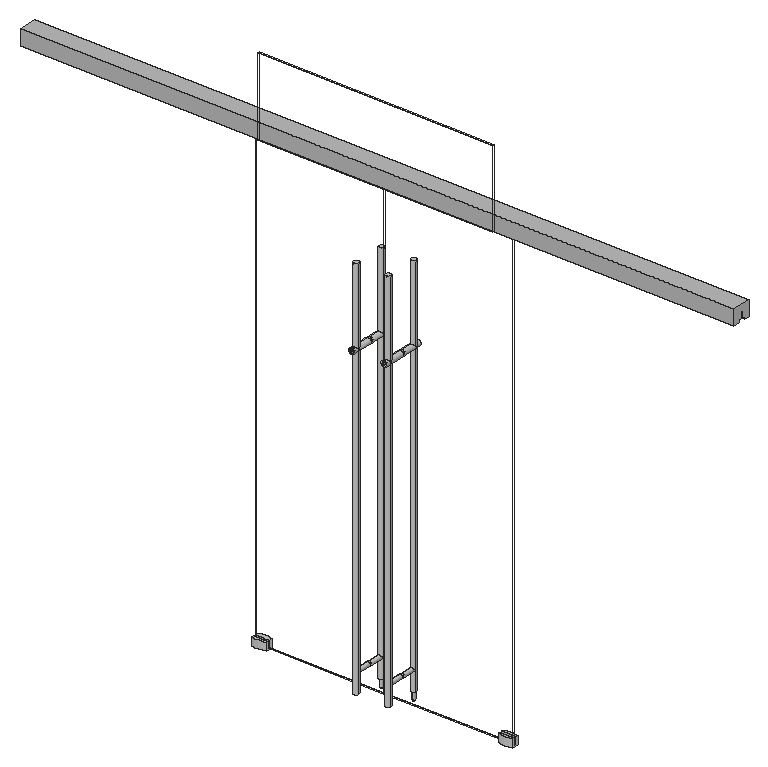
Revit family "Doors_Sliding_Avanti_Systems_Polaris-Auto-Magnetic-Slider_Pair-Glass-Mount-Sgl-Glazed", category Doors, Revit 2015
Parameters (values of type "Load Family Type Catalog")
  Youtube clip = ""
  Weight Net (Kg) = "0"
  Warranty = "1 year"  # constant formula
  Uniformat II Description = "Interior Doors"
  Uniformat II Code = "C1020"
  Uniclass 2015 Name = "Sliding door and partition sets"
  Uniclass 2015 Code = "Pr_30_59_24_80"
  Uniclass 2.0 Description = "Sliding Door And Partition Sets"
  Uniclass 2.0 Code = "PR-59-23-77"
  Uniclass 1.4 Description = "Doors"
  Uniclass 1.4 Code = "JL20"
  URL = "www.avantisystemsusa.com"
  UNSPSC Code = "30171501"
  Type Comments = ""
  Type = 2
  Transome Glass Width [instance] = 36 5/8"
  Transome Glass Height [instance] = 12.17078"
  Transom Height [instance] = 12.35828"
  Thickness = if(Type = 1, 1/2", if(Type = 2, 3/8", if(Type = 3, 7/16", if(Type = 4, 9/16", 3/4"))))  # 3/8"
  Technical description = ""
  Stainless Steel Finish = "Yes"  # constant formula
  Sound Rating = 0
  Region South America = "All"
  Region Oceania = "All"
  Region North America = "All"
  Region Middle East = "All"
  Region Europe = "All"
  Region Asia = "All"
  Region Antarctica = "All"
  Region Africa = "All"
  Rail material [instance] = Polyester powder - Avanti - White aluminium METALLIC - RAL9006
  Rail Length [instance] = 3 * (Opening Width)  # 111"
  QR code = "http://bimobject.com/avantisystems/product/avanti-polaris-auto-magnetic-slider"
  Product url = "https://www.avantisystemsusa.com/glass-products/doors/sliding-doors/automatic-doors/"
  Product group = "Automatic Doors"
  Product family = "Sliding Doors"
  Product data url = "https://bimobject.com/avantisystems/product/avanti-polaris-auto-magnetic-slider"
  Product certification = ""
  Product SKU = "avanti-polaris-auto-magnetic-slider"
  Product Guid = "5e847812-9909-4e74-9d64-870bde1c5a5f"
  Power = 110 V  # constant formula
  Opening Width [instance] = 37"
  OmniClass Description = "Sliding All Glass Doors"
  OmniClass Code = "23-17 11 23 13"
  Nominal width = 0"
  Nominal height = 0"
  NBS Reference Description = "Sliding Door And Partition Sets"
  NBS Reference Code = "59-23-77"
  Model = "Polaris™  Auto Magnetic Slider"  # constant formula
  Material secondary = "Aluminium"
  Material main = "Glass"
  Masterformat 2014 Description = "Sliding Aluminum-Framed Glass Doors"
  Masterformat 2014 Code = "08 32 13"
  Manufacturer name = "Avanti Systems"
  Manufacturer country = ""
  Manufacturer = "Avanti Systems USA"  # constant formula
  Lock = "Thumb turn floor lock with a key"
  Ladder Pull Height [instance] = 18"
  LEED compatibility = "LEED 2009 (v3): MRc3, MRc4, MRc5, MRc7, EQc4.2, EQc8.1 and EQc8.2. LEED v4: MRc1, MRc3, MRc4, MRc8, EQc2, EQc7 and EQc8."  # constant formula
  Installation instructions = ""
  IFC Classification = "Door"
  Hardware material [instance] = Stainless Steel - Avanti- Brushed Finish
  Handle type [instance] = Handle : 60" Ladder Pull
  Half_width [instance] = (Opening Width / 2) + 1 1/2"  # 20"
  Glazing = "Safety Glazing SGCC"
  Glass Width [instance] = 40"
  Glass Material = Glass - Avanti -  Low Iron
  Glass Marker = yes
  Glass Height [instance] = 72.84809"
  Gap Thickness = if(Type = 1, 1 1/4", if(Type = 2, 1 39/128", if(Type = 3, 1 35/128", if(Type = 4, 1 27/128", 1 15/128"))))  # 1 39/128"
  Function = Interior
  Edition number = 1
  EAN code = ""
  Design country = "United States"
  Description = "The newset innovation in modern interior office entryway design."  # constant formula
  Date of publishing = ""
  Clear Anodic Finish = "ASTM B221 (ASTM B221M)"  # constant formula
  COBIe Type Category = ""
  Brand url = "http://www.avantisystemsusa.com/"
  BIMobject main category code = "doors"
  BIMobject main category = "Doors"
  BIMobject category code = "doors-sliding"
  BIMobject category = "Sliding"
  Analytic Construction = "<None>"
Reference planes (in)
  plane 1 "Center (Front/Back)": y = 0
  plane 2: z = 0
  plane 3 "Center (Left/Right)": x = 6.72127
  plane 4: x = -11.77873
  plane 5: x = 25.22127
  plane 6 "Top": z = 84
  plane 7 "Curtain_wall_center": y = 0
  plane 8 "Curtain_wall_exterior": y = 0.1875
  plane 9 "Curtain_wall_interior": y = -0.1875
  plane 10 "Top_panel_height": z = 71.64172
  plane 11 "Doors_exterior": y = 1.86719
  plane 12 "Doors_center": y = 1.67969
  plane 13 "Doors_interior": y = 1.49219
  plane 14 "Door_offset_left": x = -13.27873
  plane 15 "Door_offset_top": z = 73
  plane 16 "Handle_placement_top": z = 18
  plane 17 "Handle_placement_level": x = 4.22127
  plane 18: x = -11.2959
  plane 19: z = 0.15191
  plane 20: x = 26.72127
  plane 21: x = 9.22127
  plane 22: x = 24.73844
  plane 23: x = 6.72127
  plane 24: x = 62.22127
  plane 25: x = -48.77873
  plane 26: x = 25.03377
  plane 27: z = 83.8125
  plane 28: x = -11.59123
  plane 29: z = 36.5
  plane 30: x = 16.72127
  plane 31: x = -3.27873
Forms (in)
  Extrusion 1, solid, material "Stainless Steel - Avanti- Brushed Finish" <- "Hardware material"
    sketch origin (0, 0, 0) x (1, 0, 0) y (0, 1, 0)
      loop
        arc (-13.54176, 1.22625) -> (-12.41883, 1.01575) -> (-11.2959, 1.22625) r 3.10046
        line (-11.2959, 1.22625) -> (-11.2959, 2.28369)
        arc (-11.2959, 2.28369) -> (-12.41786, 2.55169) -> (-13.54176, 2.29194) r 2.52126
        line (-13.54176, 2.29194) -> (-13.54176, 1.22625)
    from 0 to 1.21575
  Extrusion 2, void
    sketch origin (6.72127, 0, 0) x (0, 1, 0) y (0, 0, 1)
      loop
        line (1.86719, 1.21575) -> (1.49219, 1.21575) -> (1.49219, 0.15191) -> (1.86719, 0.15191) -> (1.86719, 1.21575)
    from -20.26303 to 20.26303
  Extrusion 3, solid, material "Stainless Steel - Avanti- Brushed Finish" <- "Hardware material"
    sketch origin (6.49788, 0, 0) x (-1, 0, 0) y (0, -1, 0)
      loop
        line (-20.48642, -1.22625) -> (-20.48642, -2.10935)
        arc (-20.48642, -2.10935) -> (-19.3615, -2.36475) -> (-18.24056, -2.09243) r 2.52148
        line (-18.24056, -2.09243) -> (-18.24056, -1.22625)
        arc (-18.24056, -1.22625) -> (-19.36349, -1.01575) -> (-20.48642, -1.22625) r 3.10046
    from 0 to 1.21575
  Extrusion 4, solid, material "Glass - Avanti -  Low Iron" <- "Glass Material"
    sketch origin (0, 0, 0) x (1, 0, 0) y (0, 0, 1)
      loop
        line (26.72127, 73) -> (6.72127, 73) -> (6.72127, 0.15191) -> (26.72127, 0.15191) -> (26.72127, 73)
    from -1.86719 to -1.49219
  Extrusion 5, solid, material "Glass - Avanti -  Low Iron" <- "Glass Material"
    sketch origin (0, 0, 0) x (1, 0, 0) y (0, 0, 1)
      loop
        line (6.72127, 73) -> (-13.27873, 73) -> (-13.27873, 0.15191) -> (6.72127, 0.15191) -> (6.72127, 73)
    from -1.86719 to -1.49219
  Sweep 6, solid, material "Polyester powder - Avanti - White aluminium METALLIC - RAL9006" <- "Rail material"
    path origin (0, 0, 0) x (1, 0, 0) y (0, 0, 1)
      loop
        line (62.22127, 73) -> (-48.77873, 73)
    profile origin (6.72127, 0, 73) x (0, 0, -1) y (0, -1, 0)
      loop
        line (1.35828, -2.94196) -> (1.35828, -2.3514) -> (0.96064, -2.3514) -> (0.96064, -1.86719) -> (0, -1.86719) -> (0, -1.49219) -> (1.00001, -1.49219) -> (1.00001, -1.15455) -> (1.35828, -1.15455) -> (1.35828, -0.1875) -> (-1.00393, -0.1875) -> (-1.00393, -2.94196) -> (1.35828, -2.94196)
  Extrusion 7, solid, material "Glass - Avanti -  Low Iron" <- "Glass Material"
    sketch origin (0, 0, 0) x (1, 0, 0) y (0, 1, 0)
      loop
        line (-11.59123, 0.1875) -> (-11.59123, -0.1875) -> (25.03377, -0.1875) -> (25.03377, 0.1875) -> (-11.59123, 0.1875)
    from 71.64172 to 83.8125
Cuts and joins
  Extrusion 2 cuts Extrusion 1
  Extrusion 2 cuts Extrusion 3
Lines and regions (in)
  symbolic lines, style "0"
    curve 1: line (-13.54176, 1.16375, 0) -> (-13.54176, 2.42219, 0)
    curve 2: line (-11.2959, 1.16375, 0) -> (-11.2959, 2.42219, 0)
    curve 3: circle (-13.27873, 1.67969, 0) r 0.22256 normal (0, 0, 1)
    curve 4: circle (-13.27873, 1.67969, 0) r 0.13151 normal (0, 0, 1)
    curve 5: circle (-11.55893, 1.67969, 0) r 0.22256 normal (0, 0, 1)
    curve 6: circle (-11.55893, 1.67969, 0) r 0.13151 normal (0, 0, 1)
    curve 7: arc (-11.95391, 1.30538, 0) -> (-11.82196, 1.67969, 0) -> (-11.95391, 2.054, 0) r 0.59687
    curve 8: arc (-12.88375, 2.054, 0) -> (-13.0157, 1.67969, 0) -> (-12.88375, 1.30538, 0) r 0.59687
    curve 9: arc (-11.2959, 2.42219, 0) -> (-12.41883, 2.61118, 0) -> (-13.54176, 2.42219, 0) r 3.43052
    curve 10: line (-11.2959, 2.054, 0) -> (-13.54176, 2.054, 0)
    curve 11: line (-11.2959, 1.30538, 0) -> (-13.54176, 1.30538, 0)
    curve 23: arc (-11.2959, 1.16375, 0) -> (-12.41883, 0.96142, 0) -> (-13.54176, 1.16375, 0) r 3.2173
    curve 37: line (-11.2959, 1.49219, 0) -> (24.73844, 1.49219, 0)
    curve 38: line (24.73844, 1.49219, 0) -> (24.73844, 1.86719, 0)
    curve 39: line (-11.2959, 1.86719, 0) -> (24.73844, 1.86719, 0)
    curve 40: line (6.72127, 0.1875, 84) -> (6.72127, -0.1875, 84)
    curve 41: line (6.72127, 0.1875, 71.64172) -> (6.72127, 0.1875, 84)
    curve 42: line (6.72127, -0.1875, 71.64172) -> (6.72127, 0.1875, 71.64172)
    curve 43: line (6.72127, -0.1875, 84) -> (6.72127, -0.1875, 71.64172)
    curve 44: line (6.72127, 1.86719, 73) -> (6.72127, 1.49219, 73)
    curve 45: line (6.72127, 1.86719, 0.15191) -> (6.72127, 1.86719, 73)
    curve 46: line (6.72127, 1.49219, 0.15191) -> (6.72127, 1.86719, 0.15191)
    curve 47: line (6.72127, 1.49219, 73) -> (6.72127, 1.49219, 0.15191)
    curve 48: line (26.9843, 1.16375, 0) -> (26.9843, 2.42219, 0)
    curve 49: line (24.73844, 1.16375, 0) -> (24.73844, 2.42219, 0)
    curve 50: circle (26.72127, 1.67969, 0) r 0.22256 normal (0, 0, -1)
    curve 51: circle (26.72127, 1.67969, 0) r 0.13151 normal (0, 0, -1)
    curve 52: circle (25.00147, 1.67969, 0) r 0.22256 normal (0, 0, -1)
    curve 53: circle (25.00147, 1.67969, 0) r 0.13151 normal (0, 0, -1)
    curve 54: arc (25.39645, 1.30538, 0) -> (25.26449, 1.67969, 0) -> (25.39645, 2.054, 0) r 0.59687
    curve 55: arc (26.32629, 2.054, 0) -> (26.45824, 1.67969, 0) -> (26.32629, 1.30538, 0) r 0.59687
    curve 56: arc (24.73844, 2.42219, 0) -> (25.86137, 2.61118, 0) -> (26.9843, 2.42219, 0) r 3.43052
    curve 57: line (24.73844, 2.054, 0) -> (26.9843, 2.054, 0)
    curve 58: line (24.73844, 1.30538, 0) -> (26.9843, 1.30538, 0)
    curve 59: arc (24.73844, 1.16375, 0) -> (25.86137, 0.96142, 0) -> (26.9843, 1.16375, 0) r 3.2173
    curve 66: line (6.72127, 1.86719, 0) -> (6.72127, 1.49219, 0)
  symbolic lines, style "0", not visible
    curve 12: line (-11.39483, 5.69093, 0) -> (-11.39483, 4.43248, 0)
    curve 13: line (-13.64069, 5.69093, 0) -> (-13.64069, 4.43248, 0)
    curve 14: circle (-11.65786, 5.17499, 0) r 0.22256 normal (0, 0, 1)
    curve 15: circle (-11.65786, 5.17499, 0) r 0.13151 normal (0, 0, 1)
    curve 16: circle (-13.37767, 5.17499, 0) r 0.22256 normal (0, 0, 1)
    curve 17: circle (-13.37767, 5.17499, 0) r 0.13151 normal (0, 0, 1)
    curve 18: arc (-12.98268, 5.5493, 0) -> (-13.11464, 5.17499, 0) -> (-12.98268, 4.80068, 0) r 0.59687
    curve 19: arc (-12.05285, 4.80068, 0) -> (-11.92089, 5.17499, 0) -> (-12.05285, 5.5493, 0) r 0.59687
    curve 20: arc (-13.64069, 4.43248, 0) -> (-12.51776, 4.24349, 0) -> (-11.39483, 4.43248, 0) r 3.43052
    curve 21: line (-13.64069, 4.80068, 0) -> (-11.39483, 4.80068, 0)
    curve 22: line (-13.64069, 5.5493, 0) -> (-11.39483, 5.5493, 0)
    curve 24: arc (-13.64069, 5.69093, 0) -> (-12.51776, 5.89326, 0) -> (-11.39483, 5.69093, 0) r 3.2173
  symbolic lines, style "0", detail levels medium+fine
    curve 25: circle (4.21826, 4.1411, 0) r 0.39445 normal (0, 0, 1)
    curve 26: line (3.90826, 3.89719, 0) -> (3.90826, 1.86719, 0)
    curve 27: line (4.53127, 3.90106, 0) -> (4.53127, 1.86719, 0)
    curve 28: circle (4.21826, -0.78172, 0) r 0.39445 normal (0, 0, -1)
    curve 29: line (3.90826, -0.53782, 0) -> (3.90826, 1.49219, 0)
    curve 30: line (4.53127, -0.54169, 0) -> (4.53127, 1.49219, 0)
    curve 60: circle (4.22127, 4.1411, 0) r 0.39445 normal (0, 0, -1)
    curve 61: line (4.53127, 3.89719, 0) -> (4.53127, 1.86719, 0)
    curve 62: line (3.90826, 3.90106, 0) -> (3.90826, 1.86719, 0)
    curve 63: circle (4.22127, -0.78172, 0) r 0.39445 normal (0, 0, 1)
    curve 64: line (4.53127, -0.53782, 0) -> (4.53127, 1.49219, 0)
    curve 65: line (3.90826, -0.54169, 0) -> (3.90826, 1.49219, 0)
    curve 67: circle (9.21826, 4.1411, 0) r 0.39445 normal (0, 0, 1)
    curve 68: line (8.90826, 3.89719, 0) -> (8.90826, 1.86719, 0)
    curve 69: line (9.53127, 3.90106, 0) -> (9.53127, 1.86719, 0)
    curve 70: circle (9.21826, -0.78172, 0) r 0.39445 normal (0, 0, -1)
    curve 71: line (8.90826, -0.53782, 0) -> (8.90826, 1.49219, 0)
    curve 72: line (9.53127, -0.54169, 0) -> (9.53127, 1.49219, 0)
  symbolic lines, style "0", not visible, detail levels medium+fine
    curve 31: circle (20.74894, 4.89891, 0) r 0.39445 normal (0, 0, 1)
    curve 32: line (20.43894, 4.65501, 0) -> (20.43894, 2.625, 0)
    curve 33: line (21.06195, 4.65887, 0) -> (21.06195, 2.625, 0)
    curve 34: circle (20.74894, -0.14891, 0) r 0.39445 normal (0, 0, -1)
    curve 35: line (20.43894, 0.09499, 0) -> (20.43894, 2.125, 0)
    curve 36: line (21.06195, 0.09113, 0) -> (21.06195, 2.125, 0)
  symbolic lines, not visible
    curve 73: line (-13.41025, 1.67969, 0) -> (-13.14722, 1.67969, 0)
    curve 74: line (-11.52635, 5.17499, 0) -> (-11.78938, 5.17499, 0)
    curve 75: line (26.85278, 1.67969, 0) -> (26.58975, 1.67969, 0)
    curve 79: line (14.87331, 0.25002, 36.5) -> (18.56923, 0.25002, 36.5)
    curve 84: line (-1.84534, 0.25002, 22.66367) -> (1.85057, 0.25002, 22.66367)
    curve 89: line (-5.12669, 0.25002, 36.5) -> (-1.43077, 0.25002, 36.5)
    curve 94: line (-1.84534, 0.25002, 22.66367) -> (1.85057, 0.25002, 22.66367)
    curve 96: line (4.21826, 2.36719, 0) -> (4.21826, 3.20093, 0)
    curve 97: line (4.22127, 2.36719, 0) -> (4.22127, 3.20093, 0)
    curve 98: line (20.75195, 3.125, 0) -> (20.75195, 3.95874, 0)
    curve 99: line (9.22127, 2.36719, 0) -> (9.22127, 3.20093, 0)
    curve 100: line (4.21826, 0.99219, 0) -> (4.21826, 0.49219, 0)
    curve 101: line (4.22127, 0.99219, 0) -> (4.22127, 0.49219, 0)
    curve 102: line (20.75195, 1.625, 0) -> (20.75195, 1.125, 0)
    curve 103: line (9.22127, 0.99219, 0) -> (9.22127, 0.49219, 0)
  symbolic lines, visible <- "Glass Marker"
    curve 76: line (13.89284, -0.24998, 33.67157) -> (19.5497, -0.24998, 39.32843)
    curve 77: line (16.72127, -0.24998, 34.65204) -> (18.56923, -0.24998, 36.5)
    curve 78: line (14.87331, -0.24998, 36.5) -> (16.72127, -0.24998, 38.34796)
    curve 86: line (-6.10716, -0.24998, 33.67157) -> (-0.4503, -0.24998, 39.32843)
    curve 87: line (-3.27873, -0.24998, 34.65204) -> (-1.43077, -0.24998, 36.5)
    curve 88: line (-5.12669, -0.24998, 36.5) -> (-3.27873, -0.24998, 38.34796)
  model lines, not visible
    curve 80: line (16.72127, 0.25002, 34.65204) -> (16.72127, 0.25002, 38.34796)
    curve 85: line (0.00262, 0.25002, 20.81572) -> (0.00262, 0.25002, 24.51163)
    curve 90: line (-3.27873, 0.25002, 34.65204) -> (-3.27873, 0.25002, 38.34796)
    curve 95: line (0.00262, 0.25002, 20.81572) -> (0.00262, 0.25002, 24.51163)
  symbolic lines, visible <- "Glass Marker", not visible
    curve 81: line (-2.82581, -0.24998, 19.83525) -> (2.83104, -0.24998, 25.4921)
    curve 82: line (0.00262, -0.24998, 20.81572) -> (1.85057, -0.24998, 22.66367)
    curve 83: line (-1.84534, -0.24998, 22.66367) -> (0.00262, -0.24998, 24.51163)
    curve 91: line (-2.82581, -0.24998, 19.83525) -> (2.83104, -0.24998, 25.4921)
    curve 92: line (0.00262, -0.24998, 20.81572) -> (1.85057, -0.24998, 22.66367)
    curve 93: line (-1.84534, -0.24998, 22.66367) -> (0.00262, -0.24998, 24.51163)
Text (in)
  text "Exterior" at (-45.72835, 31.38743, 0), in view "Ref. Level"
Dimensions and locks (in)
  equal spacing: plane 4, plane 3 "Center (Left/Right)", plane 5
  equal spacing: plane 8 "Curtain_wall_exterior", plane 7 "Curtain_wall_center", plane 9 "Curtain_wall_interior"
  equal spacing: plane 11 "Doors_exterior", plane 12 "Doors_center", plane 13 "Doors_interior"
  "Gap Thickness": plane 13 "Doors_interior" to plane 8 "Curtain_wall_exterior"
  "Thickness": plane 11 "Doors_exterior" to plane 13 "Doors_interior"
  "Thickness": plane 8 "Curtain_wall_exterior" to plane 9 "Curtain_wall_interior"
  "Ladder Pull Height": plane 2 to plane 16 "Handle_placement_top"
  locked: plane 4 to plane 18 at 0.48283
  locked: plane 5 to plane 20 at 1.5
  locked: plane 14 "Door_offset_left" to plane 4 at 1.5
  "Opening Width": plane 4 to plane 5
  locked: plane 22 to plane 5 at 0.48283
  locked: plane 10 "Top_panel_height" to plane 15 "Door_offset_top" at 1.35828
  equal spacing: plane 25, plane 3 "Center (Left/Right)", plane 24
  "Rail Length": plane 25 to plane 24
  "Transom Height": plane 10 "Top_panel_height" to plane 6 "Top"
  locked: plane 27 to plane 6 "Top" at 0.1875
  locked: plane 26 to plane 5 at 0.1875
  equal spacing: plane 2, plane 29, plane 15 "Door_offset_top"
  equal spacing: plane 20, plane 30, plane 3 "Center (Left/Right)"
  equal spacing: plane 3 "Center (Left/Right)", plane 31, plane 14 "Door_offset_left"
  plane 11 "Doors_exterior" to plane 13 "Doors_interior" = 3/8"
  locked: nested 4 to curve 79 at 7
  locked: curve 79 to nested 5 at 7
  "Glass Width": plane 20 to plane 14 "Door_offset_left"
  locked: plane 2 to plane 19 at 0.15191
  "Glass Height": plane 19 to plane 15 "Door_offset_top"
  "Transome Glass Height": plane 10 "Top_panel_height" to plane 27
  equal spacing: plane 20, plane 23, plane 14 "Door_offset_left"
  locked: plane 11 "Doors_exterior" to nested 2 at 4.80078
  locked: nested 3 to plane 11 "Doors_exterior" at 4.80078
  plane 17 "Handle_placement_level" to plane 23 to plane 21 = 2 1/2" locked, 2 1/2" locked
  locked: plane 4 to plane 28 at 0.1875
  plane 5 to plane 26 = 3/16"
  "Transome Glass Width": plane 26 to plane 28
  aligned and locked: level to plane 2
  aligned and locked: curve 2 to plane 18
  aligned and locked: plane 11 "Doors_exterior" to curve 27
  aligned and locked: plane 11 "Doors_exterior" to curve 26
  aligned and locked: plane 13 "Doors_interior" to curve 30
  aligned and locked: plane 13 "Doors_interior" to curve 29
  aligned and locked: plane 11 "Doors_exterior" to Extrusion 2 sketch curve
  aligned and locked: Extrusion 2 sketch curve to plane 13 "Doors_interior"
  aligned and locked: Extrusion 1 to Extrusion 2 sketch curve
  aligned and locked: curve 46 to cut or joined group of Extrusion 1, Extrusion 2
  aligned and locked: curve 47 to cut or joined group of Extrusion 1, Extrusion 2
  aligned and locked: cut or joined group of Extrusion 1, Extrusion 2 to plane 2
  aligned and locked: Extrusion 3 to plane 22
  aligned and locked: Extrusion 4 sketch curve to plane 20
  aligned and locked: Extrusion 4 sketch curve to plane 15 "Door_offset_top"
  aligned and locked: Extrusion 4 sketch curve to plane 3 "Center (Left/Right)"
  aligned and locked: Extrusion 5 sketch curve to plane 15 "Door_offset_top"
  aligned and locked: Extrusion 5 sketch curve to plane 14 "Door_offset_left"
  aligned and locked: curve 49 to plane 22
  aligned and locked: curve 38 to plane 22
  aligned and locked: plane 11 "Doors_exterior" to curve 62
  aligned and locked: plane 13 "Doors_interior" to curve 65
  aligned and locked: plane 10 "Top_panel_height" to nested 1
  aligned and locked: Sweep 6 sketch curve to plane 15 "Door_offset_top"
  aligned and locked: plane 24 to Sweep 6 sketch curve
  aligned and locked: plane 25 to Sweep 6 sketch curve
  aligned and locked: curve 62 to curve 26
  aligned and locked: curve 65 to curve 29
  aligned and locked: plane 13 "Doors_interior" to curve 72
  aligned and locked: plane 11 "Doors_exterior" to curve 69
  aligned and locked: Sweep 6 to plane 8 "Curtain_wall_exterior"
  aligned and locked: Extrusion 7 sketch curve to plane 8 "Curtain_wall_exterior"
  aligned and locked: plane 9 "Curtain_wall_interior" to Extrusion 7 sketch curve
  aligned and locked: curve 73 to plane 12 "Doors_center"
  aligned and locked: plane 12 "Doors_center" to curve 75
  aligned and locked: cut or joined group of Extrusion 2, Extrusion 3 to Extrusion 4
  aligned and locked: Extrusion 5 to cut or joined group of Extrusion 1, Extrusion 2
  aligned and locked: Extrusion 7 to plane 27
  aligned and locked: Extrusion 7 to plane 10 "Top_panel_height"
  aligned and locked: plane 29 to curve 79
  aligned and locked: curve 80 to plane 30
  aligned and locked: plane 29 to curve 89
  aligned and locked: curve 90 to plane 31
  aligned and locked: plane 12 "Doors_center" to nested 1
  aligned and locked: Sweep 6 sketch curve to nested 1  (x3)
  aligned and locked: Sweep 6 sketch curve to plane 11 "Doors_exterior"
  aligned and locked: Sweep 6 sketch curve to plane 13 "Doors_interior"
  aligned and locked: plane 11 "Doors_exterior" to Extrusion 5
  aligned and locked: Extrusion 5 to plane 13 "Doors_interior"
  aligned and locked: Extrusion 4 to plane 13 "Doors_interior"
  aligned and locked: plane 11 "Doors_exterior" to Extrusion 4
  aligned and locked: nested 4 to plane 30
  aligned and locked: nested 5 to plane 31
  aligned and locked: plane 19 to Extrusion 5
  aligned and locked: Sweep 6 to plane 10 "Top_panel_height"  (x3)
  aligned and locked: plane 23 to Extrusion 5  (x4)
  aligned and locked: Extrusion 4 to plane 23
  aligned and locked: plane 31 to nested 2
  aligned and locked: plane 30 to nested 3
  aligned and locked: plane 27 to Extrusion 7
  aligned and locked: plane 26 to Extrusion 7
  aligned and locked: Extrusion 7 to plane 28
  aligned and locked: plane 21 to nested 6  (x2)
  aligned and locked: nested 7 to plane 17 "Handle_placement_level"
  aligned and locked: plane 2 to nested 6
  aligned and locked: plane 2 to nested 7
  aligned and locked: nested 7 to plane 11 "Doors_exterior"
  aligned and locked: nested 6 to plane 11 "Doors_exterior"
  aligned and locked: curve 97 to plane 17 "Handle_placement_level"
  aligned and locked: plane 17 "Handle_placement_level" to curve 101
  aligned and locked: plane 21 to curve 99
  aligned and locked: curve 103 to plane 21
  aligned and locked: plane 21 to curve 103
Automatic sketch dimensions
  Extrusion 1 sketch curve to plane 18 = 0"
  plane 4 to Extrusion 1 sketch curve = 0.6401"
  Extrusion 1 sketch curve to plane 1 "Center (Front/Back)" = 0.03045"
  plane 4 to Extrusion 1 sketch curve = 0.64839"
  plane 14 "Door_offset_left" to Extrusion 1 sketch curve = 0.26303"
  Extrusion 1 sketch curve to plane 13 "Doors_interior" = 0.26594"
  plane 11 "Doors_exterior" to Extrusion 1 sketch curve = 0.4165"
  plane 11 "Doors_exterior" to Extrusion 1 sketch curve = 2.24903"
  level to Extrusion 2 sketch curve = 0.15191"
  Extrusion 3 sketch curve to plane 22 = 0"
  plane 5 to Extrusion 3 sketch curve = 0.6401"
  Extrusion 3 sketch curve to plane 1 "Center (Front/Back)" = 0.15666"
  plane 5 to Extrusion 3 sketch curve = 0.65711"
  Extrusion 3 sketch curve to plane 20 = 0.26303"
  plane 13 "Doors_interior" to Extrusion 3 sketch curve = 0.26594"
  Extrusion 3 sketch curve to plane 11 "Doors_exterior" = 0.22524"
  Extrusion 3 sketch curve to plane 11 "Doors_exterior" = 2.24903"
  Extrusion 5 sketch curve to plane 3 "Center (Left/Right)" = 0"
  profile plane to Sweep 6 sketch curve = 1 1/256"
  Sweep 6 sketch curve to plane 1 "Center (Front/Back)" = 3/16"
  Sweep 6 sketch curve to profile plane = 1.35828"
  Sweep 6 sketch curve to Sweep 6 sketch curve = 0.39764"
  Sweep 6 sketch curve to Sweep 6 sketch curve = 0.03937"
  Sweep 6 sketch curve to Sweep 6 sketch curve = 0.35827"
  Sweep 6 sketch curve to profile plane = 0"
  curve 45 to plane 11 "Doors_exterior" = 0"
  curve 37 to plane 13 "Doors_interior" = 0"
  curve 37 to plane 18 = 0"
  curve 39 to plane 11 "Doors_exterior" = 0"
  curve 39 to plane 18 = 0"
  curve 40 to plane 9 "Curtain_wall_interior" = 0"
  curve 41 to plane 8 "Curtain_wall_exterior" = 0"
  curve 3 to curve 4 = 0"  (x4)
  curve 5 to curve 6 = 0"  (x4)
  curve 7 to curve 8 = 0"  (x4)
  curve 10 to curve 6 = 0.26303"
  curve 5 to curve 8 = 0.8599"
  curve 2 to curve 23 = 1.12293"
  curve 2 to curve 9 = 1.12293"
  curve 7 to curve 4 = 0.8599"
  curve 3 to curve 1 = 0.26303"
  curve 23 to curve 2 = 1.75652"
  curve 9 to curve 6 = 0.7425"
  curve 8 to curve 5 = 0"
  curve 1 to curve 4 = 0.7425"
  curve 5 to curve 2 = 0.51594"
  curve 23 to curve 9 = 1.98308"
  curve 5 to curve 7 = 0.39498"  (x2)
  curve 8 to curve 3 = 0.39498"
  curve 3 to curve 73 = 0.13151"
  curve 9 to curve 10 = 0.36819"
  curve 73 to curve 3 = 0"
  curve 14 to curve 15 = 0"  (x4)
  curve 16 to curve 17 = 0"  (x4)
  curve 18 to curve 19 = 0"  (x4)
  curve 21 to curve 17 = 0.26303"
  curve 16 to curve 19 = 0.8599"
  curve 13 to curve 24 = 1.12293"
  curve 13 to curve 20 = 1.12293"
  curve 18 to curve 15 = 0.8599"
  curve 14 to curve 12 = 0.26303"
  curve 24 to curve 13 = 1.75652"
  curve 20 to curve 17 = 0.7425"
  curve 19 to curve 16 = 0"
  curve 12 to curve 15 = 0.7425"
  curve 16 to curve 13 = 0.51594"
  curve 24 to curve 20 = 1.98308"
  curve 16 to curve 18 = 0.39498"  (x2)
  curve 19 to curve 14 = 0.39498"
  curve 14 to curve 74 = 0.13151"
  curve 20 to curve 21 = 0.36819"
  curve 74 to curve 14 = 0"
  curve 50 to curve 51 = 0"  (x4)
  curve 52 to curve 53 = 0"  (x4)
  curve 54 to curve 55 = 0"  (x4)
  curve 57 to curve 53 = 0.26303"
  curve 52 to curve 55 = 0.8599"
  curve 49 to curve 59 = 1.12293"
  curve 49 to curve 56 = 1.12293"
  curve 54 to curve 51 = 0.8599"
  curve 50 to curve 48 = 0.26303"
  curve 49 to curve 59 = 1.75652"
  curve 53 to curve 56 = 0.7425"
  curve 55 to curve 52 = 0"
  curve 51 to curve 48 = 0.7425"
  curve 49 to curve 52 = 0.51594"
  curve 56 to curve 59 = 1.98308"
  curve 52 to curve 54 = 0.39498"  (x2)
  curve 55 to curve 50 = 0.39498"
  curve 50 to curve 75 = 0.13151"
  curve 57 to curve 56 = 0.36819"
  curve 75 to curve 50 = 0"
  curve 66 to plane 3 "Center (Left/Right)" = 0"
  level to Extrusion 4 sketch curve = 0.15191"
  level to Extrusion 5 sketch curve = 0.15191"
  plane 5 to Extrusion 7 sketch curve = 3/16"
  Extrusion 7 sketch curve to plane 4 = 3/16"
  plane 6 "Top" to curve 41 = 0"
  curve 43 to plane 10 "Top_panel_height" = 0"
  curve 47 to plane 15 "Door_offset_top" = 0"
  curve 61 to curve 60 = 0.31001"
  curve 61 to curve 96 = 0.31301"
  curve 96 to curve 62 = 0.31001"
  curve 60 to curve 62 = 0.24003"
  curve 61 to curve 96 = 0.69626"
  curve 96 to curve 96 = 0.83374"
  curve 96 to curve 62 = 1/2"
  curve 96 to curve 61 = 1/2"
  curve 26 to curve 25 = 0.31001"
  curve 26 to curve 97 = 0.31301"
  curve 97 to curve 27 = 0.31001"
  curve 27 to curve 25 = 0.24003"
  curve 97 to curve 26 = 0.69626"
  curve 97 to curve 97 = 0.83374"
  curve 27 to curve 97 = 1/2"
  curve 26 to curve 97 = 1/2"
  curve 32 to curve 31 = 0.31001"
  curve 32 to curve 98 = 0.31301"
  curve 98 to curve 33 = 0.31001"
  curve 33 to curve 31 = 0.24003"
  curve 98 to curve 32 = 0.69626"
  curve 98 to curve 98 = 0.83374"
  curve 33 to curve 98 = 1/2"
  curve 32 to curve 98 = 1/2"
  curve 68 to curve 67 = 0.31001"
  curve 68 to curve 99 = 0.31301"
  curve 99 to curve 69 = 0.31001"
  curve 69 to curve 67 = 0.24003"
  curve 99 to curve 68 = 0.69626"
  curve 99 to curve 99 = 0.83374"
  curve 69 to curve 99 = 1/2"
  curve 68 to curve 99 = 1/2"
  curve 64 to curve 63 = 0.31001"
  curve 64 to curve 100 = 0.31301"
  curve 100 to curve 65 = 0.31001"
  curve 65 to curve 63 = 0.24003"
  curve 100 to curve 64 = 1.03001"
  curve 100 to curve 100 = 1/2"
  curve 64 to curve 100 = 1/2"
  curve 65 to curve 100 = 1/2"
  curve 29 to curve 28 = 0.31001"
  curve 29 to curve 101 = 0.31301"
  curve 101 to curve 30 = 0.31001"
  curve 28 to curve 30 = 0.24003"
  curve 29 to curve 101 = 1.03001"
  curve 101 to curve 101 = 1/2"
  curve 101 to curve 29 = 1/2"
  curve 101 to curve 30 = 1/2"
  curve 35 to curve 34 = 0.31001"
  curve 35 to curve 102 = 0.31301"
  curve 102 to curve 36 = 0.31001"
  curve 34 to curve 36 = 0.24003"
  curve 35 to curve 102 = 1.03001"
  curve 102 to curve 102 = 1/2"
  curve 102 to curve 35 = 1/2"
  curve 102 to curve 36 = 1/2"
  curve 71 to curve 70 = 0.31001"
  curve 71 to curve 103 = 0.31301"
  curve 103 to curve 72 = 0.31001"
  curve 70 to curve 72 = 0.24003"
  curve 71 to curve 103 = 1.03001"
  curve 103 to curve 103 = 1/2"
  curve 103 to curve 71 = 1/2"
  curve 103 to curve 72 = 1/2"
  radius of curve 3 = 0.22256"
  radius of curve 5 = 0.22256"
  radius of curve 6 = 0.13151"
  radius of curve 14 = 0.22256"
  radius of curve 16 = 0.22256"
  radius of curve 17 = 0.13151"
  radius of curve 50 = 0.22256"
  radius of curve 52 = 0.22256"
  radius of curve 53 = 0.13151"
Nested families (in)
  nested 1: "Rail-Detail" at (6.72127, 1.60583, 72.82282) x (0, 1, 0) z (1, 0, 0), type "Rail-Detail"
    with Thickness 3/8", Half Thickness 3/16"
  nested 2: "Arrow" at (-3.27873, 6.66797, 0), type "arrow"
  nested 3: "Arrow" at (16.72127, 6.66797, 0) x (-1, 0, 0) z (0, 0, 1), type "arrow"
  nested 4: "Arrow" at (16.72127, 0, 43.5) x (-1, 0, 0) z (0, -1, 0), type "arrow"
  nested 5: "Arrow" at (-3.27873, 0, 43.5) x (1, 0, 0) z (0, -1, 0), type "arrow"
  nested 6: "Handle" at (7.59627, 0.11719, 38) x (1, 0, 0) z (0, -1, 0), type <- "Handle type", type "60" Ladder Pull", detail levels medium+fine
    with Locker yes, Thickness 3/8"
  nested 7: "Handle" at (2.59627, 0.11719, 38) x (1, 0, 0) z (0, -1, 0), type <- "Handle type", type "60" Ladder Pull", detail levels medium+fine
    with Locker yes, Thickness 3/8"
Definition of nested family "Handle"
  Parameters (values of type "48" Ladder Pull")
    Width = 54.28299"
    Type = 3
    Ladder Pool Height = 18"
    Ladder 60" = if(Type = 5, 1 = 1, 1 = 0)  # no
    Ladder = if(Type = 3, 1 = 1, 1 = 0)  # yes
    Thickness = 1/2"
    Panic hardware = if(Type = 4, 1 = 1, 1 = 0)  # no
    Material = none
    Locker [instance] = yes
    Height = 90 9/16"
    Glass door = if(Type = 2, 1 = 1, 1 = 0)  # no
    Framed door = if(Type = 1, 1 = 1, 1 = 0)  # no
    Default Elevation = 48"
  Types (2): name | Type | Ladder 60" | Ladder
    60" Ladder Pull | 5 | yes | no
    48" Ladder Pull | 3 | no | yes
  Reference planes (in)
    plane 1 "Center (Front/Back)": y = 0
    plane 2: z = 0
    plane 3 "Center (Left/Right)": x = 0
    plane 4 "door_up": z = -1.375
    plane 5 "door_down": z = -1.875
    plane 6: z = -3.25
    plane 7: x = -1.25
    plane 8: x = -43.31449
    plane 9: x = -46.03299
    plane 10: x = -43.31449
    plane 11: y = 51.9375
    plane 12: y = 0.625
    plane 13: y = 11.125
    plane 14: y = 52.5625
    plane 15: y = -38
    plane 16: x = -50.15799
    plane 17 "door": x = 4.125
    plane 18: x = 1.625
    plane 19: y = -20
  Forms (in)
    Sweep 1, solid, material <- "Material", visible <- "Panic hardware"
      path origin (0, 0, 0) x (1, 0, 0) y (0, 1, 0)
        loop
          line (-1.25, 51.9375) -> (-1.25, 4.25)
          arc (-1.25, 4.25) -> (-2.12868, 2.12868) -> (-4.25, 1.25) r 3
          line (-4.25, 1.25) -> (-43.31449, 1.25)
      profile origin (-1.25, 28.09375, 0) x (1, 0, 0) y (0, 0, 1)
        loop
          circle (0.625, 0.625) r 0.625
    Sweep 2, solid, material <- "Material", visible <- "Panic hardware"
      path origin (0, 0, 0) x (1, 0, 0) y (0, 0, 1)
        loop
          line (-43.31449, 0) -> (-44.06449, 0)
          arc (-44.06449, 0) -> (-44.57255, -0.21044) -> (-44.78299, -0.7185) r 0.7185
          line (-44.78299, -0.7185) -> (-44.78299, -1.375)
      profile origin (-43.68949, 0, 0) x (0, 0, -1) y (0, -1, 0)
        loop
          circle (-0.625, -0.625) r 0.625
    Sweep 3, solid, material <- "Material", visible <- "Panic hardware"
      path origin (0, 0, -6.75) x (1, 0, 0) y (0, 0, -1)
        loop
          line (-43.31449, -3.5) -> (-44.06449, -3.5)
          arc (-44.06449, -3.5) -> (-44.57255, -3.71044) -> (-44.78299, -4.2185) r 0.7185
          line (-44.78299, -4.2185) -> (-44.78299, -4.875)
      profile origin (-43.68949, 0, -3.25) x (0, 0, -1) y (0, -1, 0)
        loop
          circle (0.625, -0.625) r 0.625
    Sweep 4, solid, material <- "Material", visible <- "Panic hardware"
      path origin (-30, 0, -6.75) x (-1, 0, 0) y (0, 0, -1)
        loop
          line (13.31449, -3.5) -> (-28.0315, -3.5)
          arc (-28.0315, -3.5) -> (-28.53956, -3.71044) -> (-28.75, -4.2185) r 0.7185
          line (-28.75, -4.2185) -> (-28.75, -4.875)
      profile origin (-22.6415, 0, -3.25) x (0, 0, 1) y (0, -1, 0)
        loop
          circle (-0.625, -0.625) r 0.625
  Cuts and joins
    joined: Sweep 1, Sweep 2
    joined: Sweep 3, Sweep 4
  Dimensions and locks (in)
    "Thickness": plane 5 "door_down" to plane 4 "door_up"
    locked: plane 3 "Center (Left/Right)" to plane 7 at 1.25
    locked: plane 9 to plane 8 at 2.7185
    locked: plane 9 to Sweep 3 sketch curve at 1.25
    locked: Sweep 2 sketch curve to plane 9 at 1.25
    locked: plane 10 to plane 9 at 2.7185
    locked: Sweep 1 sketch curve to plane 1 "Center (Front/Back)" at 1.25
    locked: plane 3 "Center (Left/Right)" to nested 1 at 0.125
    locked: plane 4 "door_up" to plane 2 at 1.375
    locked: plane 6 to plane 5 "door_down" at 1.375
    locked: plane 12 to plane 1 "Center (Front/Back)" at 0.625
    locked: plane 13 to plane 12 at 10.5
    locked: plane 14 to plane 11 at 0.625
    "Height": plane 14 to plane 15
    locked: plane 1 "Center (Front/Back)" to plane 15 at 38
    locked: plane 3 "Center (Left/Right)" to plane 17 "door" at 4.125
    "Width": plane 16 to plane 17 "door"
    locked: plane 16 to plane 10 at 6.8435
    locked: plane 18 to plane 17 "door" at 2.5
    "Ladder Pool Height": plane 19 to plane 15
    aligned and locked: level to plane 2
    aligned and locked: plane 4 "door_up" to cut or joined group of Sweep 1, Sweep 2
    aligned and locked: Sweep 2 sketch curve to plane 4 "door_up"
    aligned and locked: Sweep 3 sketch curve to plane 5 "door_down"
    aligned and locked: plane 6 to Sweep 3 sketch curve
    aligned and locked: plane 7 to Sweep 4 sketch curve
    aligned and locked: Sweep 4 sketch curve to plane 6
    aligned and locked: plane 8 to Sweep 4 sketch curve
    aligned and locked: plane 8 to Sweep 3 sketch curve
    aligned and locked: plane 10 to Sweep 2 sketch curve
    aligned and locked: plane 10 to Sweep 1 sketch curve
    aligned and locked: plane 11 to Sweep 1 sketch curve
    aligned and locked: plane 5 "door_down" to Sweep 4 sketch curve
    aligned and locked: nested 1 to plane 4 "door_up"
    aligned and locked: plane 13 to nested 1
    aligned and locked: nested 2 to plane 4 "door_up"
    aligned and locked: plane 3 "Center (Left/Right)" to nested 2
    aligned and locked: nested 2 to plane 11
    aligned and locked: nested 2 to plane 14
    aligned and locked: plane 18 to nested 3
    aligned and locked: plane 1 "Center (Front/Back)" to nested 3
    aligned and locked: nested 4 to plane 18
    aligned and locked: nested 4 to plane 1 "Center (Front/Back)"
    aligned and locked: nested 5 to plane 4 "door_up"
    aligned and locked: nested 5 to plane 17 "door"
    aligned and locked: nested 5 to plane 1 "Center (Front/Back)"
    aligned and locked: nested 6 to plane 4 "door_up"
    aligned and locked: plane 5 "door_down" to nested 7
    aligned and locked: nested 7 to plane 19
    aligned and locked: plane 19 to nested 6
    aligned and locked: nested 6 to plane 18
    aligned and locked: nested 7 to plane 18
    aligned and locked: plane 4 "door_up" to nested 8
    aligned and locked: plane 15 to nested 8
    aligned and locked: plane 5 "door_down" to nested 9
    aligned and locked: nested 9 to plane 15
    aligned and locked: plane 18 to nested 8
    aligned and locked: plane 18 to nested 9
  Nested families (in)
    nested 1: "Family2" at (-1.125, 11.125, 0.22234), visible <- "Panic hardware", type "Family2"
      with Lock yes
    nested 2: "Family3" at (-0.26102, 51.9375, -1.63602), visible <- "Panic hardware", type "Family3"
      with Thickness 1/2"
    nested 3: "Handle Timber" at (1.625, 0, -1.875), Locker <- "Locker", visible <- "Framed door", type "Handle Timber"
      with Locker yes
    nested 4: "Handle Timber" at (1.625, 0, -1.375) x (1, 0, 0) z (0, 0, -1), Locker <- "Locker", visible <- "Framed door", type "Handle Timber"
      with Locker yes
    nested 5: "Hinged Framed Swing locker" at (3.22214, -1.5625, -5.625), Handle and assembly material <- "Material", visible <- "Glass door", type "Hinged Framed Swing locker"
      with Handle and assembly material none
    nested 6: "Handle_For-Glass_Rounded_600mm" at (1.625, 13.36577, -1.375) x (-1, 0, 0) z (0, 0, -1), Handle Material <- "Material", visible <- "Ladder", type "Handle_For-Glass_Rounded_600mm"
      with Handle Material none, Handle Height 48"
    nested 7: "Handle_For-Glass_Rounded_600mm" at (1.625, -5.36577, -1.875) x (-1, 0, 0) z (0, 0, 1), Handle Material <- "Material", visible <- "Ladder", type "Handle_For-Glass_Rounded_600mm"
      with Handle Material none, Handle Height 48"
    nested 8: "Handle_For-Glass_Rounded_60in" at (1.625, 2.47039, -1.375), visible <- "Ladder 60"", Handle Material <- "Material", type "60""
      with No locker yes, Locker no, Handle Material none, Handle Height 60"
    nested 9: "Handle_For-Glass_Rounded_60in2" at (1.625, 2.47039, -1.875), visible <- "Ladder 60"", Handle Material <- "Material", type "60""
      with No locker no, Locker yes, Handle Material none, Handle Height 60"
  Definition of nested family "Family2"
    Parameters (values of type "Family2")
      Thickness = 1/2"
      Material = none
      Lock = no
    Reference planes (in)
      plane 1 "Center (Front/Back)": y = 0
      plane 2: z = 0
      plane 3 "Center (Left/Right)": x = 0
      plane 4: z = -2.09734
      plane 5: z = -1.59734
    Forms (in)
      Extrusion 1, solid, material <- "Material"
        sketch origin (0, 0, 0) x (0, 1, 0) y (0, 0, 1)
          loop
            line (5.04078, -0.345) -> (5.04078, 0) -> (-2.39922, 0) -> (-2.39922, -0.345) -> (5.04078, -0.345)
        from 0 to 1
      Extrusion 2, solid, material <- "Material"
        sketch origin (0, 0, 0) x (0, 1, 0) y (0, 0, 1)
          loop
            line (-0.3074, -0.345) -> (-1.4374, -0.345) -> (-1.4374, -1.31734) -> (-0.3074, -1.31734) -> (-0.3074, -0.345)
        from 0.32565 to 0.66353
      Extrusion 3, solid, material <- "Material"
        sketch origin (0, 0, 0) x (0, 1, 0) y (0, 0, 1)
          loop
            line (-1.4374, -1.31734) -> (-1.4374, -1.59734) -> (1.43807, -1.59734) -> (1.43807, -1.31734) -> (-1.4374, -1.31734)
          loop
            line (1.45803, -2.09734) -> (-1.41697, -2.09734) -> (-1.41697, -3.82961)
            arc (-1.41697, -3.82961) -> (-1.36191, -3.96254) -> (-1.22897, -4.01761) r 0.188
            line (-1.22897, -4.01761) -> (1.27003, -4.01761)
            arc (1.27003, -4.01761) -> (1.40297, -3.96254) -> (1.45803, -3.82961) r 0.188
            line (1.45803, -3.82961) -> (1.45803, -2.09734)
        from 0 to 1
      Extrusion 4, solid, material <- "Material"
        sketch origin (0, 0, 0) x (0, 1, 0) y (0, 0, 1)
          loop
            arc (-3.2641, -0.65221) -> (-3.242, -0.64306) -> (-3.23285, -0.62096) r 0.03125
            line (-3.23285, -0.62096) -> (-3.23285, 0) -> (-3.4516, 0) -> (-3.4516, -0.62096)
            arc (-3.4516, -0.62096) -> (-3.44244, -0.64306) -> (-3.42035, -0.65221) r 0.03125
            line (-3.42035, -0.65221) -> (-3.2641, -0.65221)
        from 0.32565 to 0.66353
      Extrusion 5, solid, material <- "Material", visible <- "Lock"
        sketch origin (1, 0, 0) x (0, 1, 0) y (0, 0, 1)
          loop
            circle (0.20853, -3.12734) r 0.58
          loop
            circle (0.20853, -3.12734) r 0.5625
          loop
            circle (-0.07272, -3.12734) r 0.22671
        from 0 to 0.25
      Extrusion 6, solid, material <- "Material", visible <- "Lock"
        sketch origin (1, 0, 0) x (0, 1, 0) y (0, 0, 1)
          loop
            circle (0.20853, -3.12734) r 0.5625
        from 0 to 0.20472
      Extrusion 7, solid, material <- "Material", visible <- "Lock", not visible
        sketch origin (1, 0, 0) x (0, 1, 0) y (0, 0, 1)
          loop
            circle (0.20853, -3.12734) r 0.58
          loop
            circle (0.20853, -3.12734) r 0.5625
          loop
            circle (-0.07272, -3.12734) r 0.22671
        from 0 to 0.25
      Extrusion 8, solid, material <- "Material", visible <- "Lock", not visible
        sketch origin (1, 0, 0) x (0, 1, 0) y (0, 0, 1)
          loop
            circle (0.20853, -3.12734) r 0.5625
        from 0 to 0.20472
    Lines and regions (in)
      model lines, not visible
        curve 1: line (0, -0.35397, -3.12734) -> (0, 0.39603, -3.12734)
        curve 2: line (0, -0.35397, -3.12734) -> (0, 0.39603, -3.12734)
    Dimensions and locks (in)
      "Thickness": plane 4 to plane 5
      locked: plane 5 to plane 2 at 1.59734
      aligned and locked: level to plane 2
      aligned and locked: plane 5 to Extrusion 3 sketch curve
      aligned and locked: Extrusion 3 sketch curve to Extrusion 2
      aligned and locked: Extrusion 3 sketch curve to plane 4
  Definition of nested family "Family3"
    Parameters (values of type "Family3")
      Thickness = 0.50125"
      Material = none
    Reference planes (in)
      plane 1 "Center (Front/Back)": y = 0
      plane 2: z = 0
      plane 3 "Center (Left/Right)": x = 0
      plane 4: z = 0.26102
      plane 5: z = -0.24023
    Forms (in)
      Extrusion 1, solid, material <- "Material"
        sketch origin (-0.98898, 0.625, 0.26102) x (0, 0, -1) y (0, 1, 0)
          loop
            line (-0.28125, 0.125) -> (-0.28125, -2.375) -> (0, -2.375) -> (0, 0) -> (0.50125, 0) -> (0.50125, -2.37518) -> (0.78125, -2.37518) -> (0.78125, 0.125) -> (-0.28125, 0.125)
        from 0 to 1.25
      Revolve 2, solid, material <- "Material"
        sketch origin (-0.36398, 0.615, 0.26102) x (0, 0, -1) y (0, 1, 0)
          loop
            line (-0.28125, -0.615) -> (-1.5092, -0.615) -> (-1.5092, -0.995) -> (-0.28125, -0.995) -> (-0.28125, -0.615)
          axis (-1.5092, -0.995) -> (-0.28125, -0.995)
        angle from 0 to 360
    Dimensions and locks (in)
      "Thickness": plane 4 to plane 5
      locked: Extrusion 1 to plane 4 at 0.28125
      locked: plane 5 to Extrusion 1 at 0.28
      aligned and locked: level to plane 2
      aligned and locked: Extrusion 1 to plane 4
      aligned and locked: plane 5 to Extrusion 1
  Definition of nested family "Handle Timber"
    Parameters (values of type "Handle Timber")
      Locker [instance] = yes
      Handle material = none
      Default Elevation = 48"
    Reference planes (in)
      plane 1 "Center (Front/Back)": y = 0
      plane 2: z = 0
      plane 3 "Center (Left/Right)": x = 0
    Forms (in)
      Extrusion 1, solid, material <- "Handle material"
        sketch origin (0, 0.00944, 0.00975) x (-1, 0, 0) y (0, -1, 0.00026)
          loop
            line (0.82036, -6.01526) -> (0.82036, -4.11121)
            arc (0.82036, -4.11121) -> (0, -3.29085) -> (-0.82036, -4.11121) r 0.82036
            line (-0.82036, -4.11121) -> (-0.82036, -6.01526)
            arc (-0.82036, -6.01526) -> (0, -6.83563) -> (0.82036, -6.01526) r 0.82036
          loop
            line (0.82036, -0.95129) -> (0.82036, 0.95276)
            arc (0.82036, 0.95276) -> (0, 1.77313) -> (-0.82036, 0.95276) r 0.82036
            line (-0.82036, 0.95276) -> (-0.82036, -0.95129)
            arc (-0.82036, -0.95129) -> (0, -1.77165) -> (0.82036, -0.95129) r 0.82036
        from -0.36 to -0.00798
      Sweep 2, solid, material <- "Handle material"
        path origin (0, 0.00944, 0.00975) x (-1, 0, 0) y (0, 0.00026, 1)
          loop
            line (0.00372, -0.36) -> (0.00372, -2.13165)
            arc (0.00372, -2.13165) -> (0.19244, -2.58727) -> (0.64805, -2.77599) r 0.64433
            line (0.64805, -2.77599) -> (4.19136, -2.77599)
            arc (4.19136, -2.77599) -> (4.78191, -2.53137) -> (5.02652, -1.94082) r 0.83517
            line (5.02652, -1.94082) -> (5.02652, -0.63757)
        profile origin (-0.00372, 0.00911, -1.23607) x (-1, 0, 0) y (0, 1, -0.00026)
          loop
            circle (0, 0) r 0.3937
      Extrusion 3, solid, material <- "Handle material", visible <- "Locker"
        sketch origin (0, 0.00944, 0.00975) x (-1, 0, 0) y (0, -1, 0.00026)
          loop
            line (0.82009, 4.11958) -> (0.82408, 6.02363)
            arc (0.82408, 6.02363) -> (0.00543, 6.84571) -> (-0.81665, 6.02706) r 0.82036
            line (-0.81665, 6.02706) -> (-0.82063, 4.12301)
            arc (-0.82063, 4.12301) -> (-0.00199, 3.30093) -> (0.82009, 4.11958) r 0.82036
        from -0.36 to -0.01061
    Lines and regions (in)
      reference lines
        curve 1: line (0, 6.84506, 0) -> (0, -6.83627, 0)
        curve 2: line (-5.42022, 0.00893, 0) -> (0.82036, 0.00893, 0)
    Dimensions and locks (in)
      aligned and locked: level to plane 2
  Definition of nested family "Hinged Framed Swing locker"
    Parameters (values of type "Hinged Framed Swing locker")
      Thickness = 1/2"
      Lock = yes
      Handle and assembly material [instance] = none
    Reference planes (in)
      plane 1 "Center (Front/Back)": y = 0
      plane 2: z = 0
      plane 3 "Center (Left/Right)": x = 0
      plane 4: y = 0.59375
      plane 5: y = -0.59375
      plane 6: x = -1
      plane 7: x = 1
      plane 8: y = 0.25
      plane 9: y = -0.25
      plane 10: x = 1.5
      plane 11: z = 8
      plane 12: z = 4.6875
      plane 13: z = 3.6875
      plane 14: z = 3.125
      plane 15: x = 1.38539
      plane 16: z = 2.79297
      plane 17: y = 0.25
      plane 18: y = -0.25
      plane 19: x = 0.90286
      plane 20: z = 6.0625
      plane 21: y = -0.84375
      plane 22: y = -0.80275
      plane 23 "handle_center": z = 2.4375
      plane 24: x = -4.375
      plane 25: y = -1.23355
      plane 26: z = 2.69544
      plane 27: z = 2.17956
      plane 28: y = -2.05222
      plane 29: y = -2.71875
      plane 30: z = 2.69544
      plane 31: z = 2.17956
      plane 32: z = 4.25
      plane 33: z = 3.75
      plane 34: z = 4
    Forms (in)
      Extrusion 1, solid, material <- "Handle and assembly material"
        sketch origin (0, -4, 4) x (1, 0, 0) y (0, 0, -1)
          loop
            line (-1, 0.59375) -> (-1, 0.25) -> (0.90286, 0.25) -> (0.90286, -0.25) -> (-1, -0.25) -> (-1, -0.59375) -> (1, -0.59375) -> (1, 0.59375) -> (-1, 0.59375)
        from 0 to 8
      Extrusion 2, solid, material <- "Handle and assembly material", detail levels fine
        sketch origin (0, -4, 4) x (1, 0, 0) y (0, 0, -1)
          loop
            line (1, 0.25) -> (1, -0.25)
            arc (1, -0.25) -> (1.27121, -0.02121) -> (1.5, 0.25) r 2.09856
            line (1.5, 0.25) -> (1, 0.25)
        from 3.6875 to 4.6875
      Extrusion 3, solid, material <- "Handle and assembly material", detail levels fine
        sketch origin (0, -4, 4) x (1, 0, 0) y (0, 0, -1)
          loop
            line (1, 0.25) -> (1, -0.25)
            arc (1, -0.25) -> (1.0598, -0.20427) -> (1.0921, -0.13627) r 0.16012
            arc (1.0921, -0.13627) -> (1.11202, -0.10046) -> (1.14874, -0.08227) r 0.06897
            line (1.14874, -0.08227) -> (1.30312, -0.08227)
            arc (1.30312, -0.08227) -> (1.36129, -0.05818) -> (1.38539, 0) r 0.08227
            arc (1.38539, 0) -> (1.36129, 0.05818) -> (1.30312, 0.08227) r 0.08227
            line (1.30312, 0.08227) -> (1.14874, 0.08227)
            arc (1.14874, 0.08227) -> (1.11202, 0.10046) -> (1.0921, 0.13627) r 0.06897
            arc (1.0921, 0.13627) -> (1.0598, 0.20427) -> (1, 0.25) r 0.16012
        from 2.79297 to 3.125
      Extrusion 4, solid, material <- "Handle and assembly material", visible <- "Lock", detail levels medium+fine
        sketch origin (1, -4, 4.59375) x (-1, 0, 0) y (0, -1, 0)
          loop
            circle (1, -6.0625) r 0.63654
          loop
            circle (1, -6.0625) r 0.60041
        from 0 to 0.25
      Extrusion 5, solid, material <- "Handle and assembly material", visible <- "Lock", detail levels medium+fine
        sketch origin (1, -4, 4.59375) x (-1, 0, 0) y (0, -1, 0)
          loop
            circle (1, -6.0625) r 0.60041
        from 0 to 0.209
      Blend 6, solid, material <- "Handle and assembly material", visible <- "Lock", detail levels fine
        base sketch origin (1, -4, 4.80275) x (-1, 0, 0) y (0, -1, 0)
          loop
            circle (1, -5.84645) r 0.21605
        top sketch origin (1, -4, 4.80275) x (-1, 0, 0) y (0, -1, 0)
          loop
            circle (1, -5.84645) r 0.19257
        from 0 to 0.041
      Extrusion 7, solid, material <- "Handle and assembly material"
        sketch origin (1, -4, 4.59375) x (-1, 0, 0) y (0, -1, 0)
          loop
            circle (1, -2.4375) r 0.35547
        from 0 to 1.45847
      Extrusion 8, void
        sketch origin (0.04357, -4.04543, 4) x (0, 0, -1) y (-0.017452, 0.999848, 0)
          loop
            line (-1.23355, 2.79297) -> (-1.23355, 2.90667) -> (-2.86779, 2.90667) -> (-2.86779, 2.69544) -> (-1.36779, 2.69544)
            arc (-1.36779, 2.69544) -> (-1.28242, 2.71908) -> (-1.23355, 2.79297) r 0.12635
        from -3.60215 to 0.49573
      Extrusion 9, solid, material <- "Handle and assembly material"
        sketch origin (1, -4, 4.59375) x (-1, 0, 0) y (0, -1, 0)
          loop
            arc (0.71851, -2.22043) -> (0.66353, -2.32283) -> (0.64453, -2.4375) r 0.35547
            arc (0.64453, -2.4375) -> (0.66353, -2.55217) -> (0.71851, -2.65457) r 0.35547
            line (0.71851, -2.65457) -> (5.3098, -2.57443) -> (5.375, -2.50923) -> (5.375, -2.36577) -> (5.3098, -2.30057) -> (0.71851, -2.22043)
        from 1.45847 to 2.125
      Extrusion 10, void
        sketch origin (0.04357, 0.92043, 4) x (0, 0, -1) y (0.017452, 0.999848, 0)
          loop
            arc (-1.23355, -2.79297) -> (-1.28242, -2.71908) -> (-1.36779, -2.69544) r 0.12635
            line (-1.36779, -2.69544) -> (-2.86779, -2.69544) -> (-2.86779, -2.90667) -> (-1.23355, -2.90667) -> (-1.23355, -2.79297)
        from -3.60215 to 0.49573
      Extrusion 11, solid, material <- "Handle and assembly material"
        sketch origin (1, -4, 3.40625) x (0, 1, 0) y (1, 0, 0)
          loop
            circle (2.4375, -1) r 0.35547
        from 0 to 1.45847
      Extrusion 12, void
        sketch origin (0.04357, -4.04543, 4) x (0, 0, 1) y (0.017452, -0.999848, 0)
          loop
            arc (-1.23355, -2.79297) -> (-1.28242, -2.71908) -> (-1.36779, -2.69544) r 0.12635
            line (-1.36779, -2.69544) -> (-2.86779, -2.69544) -> (-2.86779, -2.90667) -> (-1.23355, -2.90667) -> (-1.23355, -2.79297)
        from -3.60215 to 0.49573
      Extrusion 13, solid, material <- "Handle and assembly material"
        sketch origin (1, -4, 3.40625) x (0, 1, 0) y (1, 0, 0)
          loop
            line (2.22043, -0.71851) -> (2.30057, -5.3098) -> (2.36577, -5.375) -> (2.50923, -5.375) -> (2.57443, -5.3098) -> (2.65457, -0.71851)
            arc (2.65457, -0.71851) -> (2.55217, -0.66353) -> (2.4375, -0.64453) r 0.35547
            arc (2.4375, -0.64453) -> (2.32283, -0.66353) -> (2.22043, -0.71851) r 0.35547
        from 1.45847 to 2.125
      Extrusion 14, void
        sketch origin (0.04357, 0.92043, 4) x (0, 0, 1) y (-0.017452, -0.999848, 0)
          loop
            line (-1.23355, 2.79297) -> (-1.23355, 2.90667) -> (-2.86779, 2.90667) -> (-2.86779, 2.69544) -> (-1.36779, 2.69544)
            arc (-1.36779, 2.69544) -> (-1.28242, 2.71908) -> (-1.23355, 2.79297) r 0.12635
        from -3.60215 to 0.49573
    Cuts and joins
      Extrusion 8, Extrusion 10, Extrusion 12, Extrusion 14 cuts Extrusion 7
      Extrusion 10, Extrusion 12, Extrusion 14 cuts Extrusion 9
      joined: Extrusion 7, Extrusion 9
      Extrusion 12, Extrusion 14 cuts Extrusion 11
      Extrusion 12 cuts Extrusion 13
      joined: Extrusion 11, Extrusion 13
    Lines and regions (in)
      reference lines
        curve 1: line (0.35547, -1.5625, 0) -> (-4.39453, -1.5625, 0)
    Dimensions and locks (in)
      plane 4 to plane 5 = 1 3/16"
      plane 6 to plane 7 = 2"
      plane 11 to plane 2 = 8"
      plane 11 to plane 12 to plane 13 to plane 14 to plane 16 = 3 5/16" locked, 1" locked, 9/16" locked, 85/256" locked
      equal spacing: plane 17, plane 1 "Center (Front/Back)", plane 18
      "Thickness": plane 17 to plane 18
      locked: plane 19 to plane 7 at 0.09714
      locked: plane 15 to plane 10 at 0.11461
      equal spacing: plane 6, plane 3 "Center (Left/Right)", plane 7
      locked: plane 11 to plane 20 at 1.9375
      locked: plane 5 to plane 21 at 0.25
      locked: plane 22 to plane 21 at 0.041
      locked: plane 11 to plane 23 "handle_center" at 5.5625
      locked: plane 24 to plane 7 at 5.375
      locked: plane 5 to plane 29 at 2.125
      "Thickness": plane 32 to plane 33
      locked: Extrusion 1 to plane 32 at 0.34375
      locked: plane 33 to Extrusion 1 at 0.34375
      aligned and locked: level to plane 2
      aligned and locked: Extrusion 1 sketch curve to plane 6  (x2)
      aligned and locked: plane 7 to Extrusion 1 sketch curve
      aligned and locked: plane 7 to Extrusion 3 sketch curve  (x2)
      aligned and locked: plane 15 to Extrusion 3 sketch curve
      aligned and locked: plane 7 to Extrusion 2 sketch curve  (x2)
      aligned and locked: plane 10 to Extrusion 2 sketch curve
      aligned and locked: plane 19 to Extrusion 1 sketch curve
      aligned and locked: Extrusion 1 to plane 32
      aligned and locked: plane 33 to Extrusion 1
    Automatic sketch dimensions
      Extrusion 1 sketch curve to plane 12 = 3/32"
      Extrusion 1 sketch curve to Extrusion 1 sketch curve = 11/32"
      plane 13 to Extrusion 1 sketch curve = 1/16"
      Extrusion 1 sketch curve to plane 13 = 9/32"
      plane 23 "handle_center" to Extrusion 2 sketch curve = 0.09981"
      Extrusion 2 sketch curve to plane 3 "Center (Left/Right)" = 0.21269"
      plane 13 to Extrusion 2 sketch curve = 1/16"
      Extrusion 3 sketch curve to Extrusion 3 sketch curve = 0"  (x2)
      plane 19 to Extrusion 3 sketch curve = 0.0325"  (x2)
      Extrusion 3 sketch curve to plane 7 = 0.14874"  (x2)
      Extrusion 3 sketch curve to Extrusion 3 sketch curve = 0.01087"  (x2)
      Extrusion 3 sketch curve to Extrusion 3 sketch curve = 0.08227"
      Extrusion 3 sketch curve to plane 12 = 7/16"
      Extrusion 3 sketch curve to Extrusion 3 sketch curve = 0.09962"
      Extrusion 3 sketch curve to Extrusion 3 sketch curve = 0.1465"
      Extrusion 3 sketch curve to Extrusion 3 sketch curve = 0.06811"  (x2)
      Extrusion 3 sketch curve to Extrusion 3 sketch curve = 0.20701"
      plane 13 to Extrusion 3 sketch curve = 1/16"
      Extrusion 4 sketch curve to Extrusion 4 sketch curve = 0"  (x2)
      Extrusion 4 sketch curve to Extrusion 1 = 1"
      Extrusion 1 to Extrusion 4 sketch curve = 1 15/16"
      Extrusion 5 sketch curve to Extrusion 1 = 1"
      Extrusion 1 to Extrusion 5 sketch curve = 1 15/16"
      Extrusion 7 sketch curve to plane 3 "Center (Left/Right)" = 0"
      plane 25 to Extrusion 7 sketch curve = 0.32895"
      plane 20 to Extrusion 8 sketch curve = 0.80529"
      plane 12 to Extrusion 8 sketch curve = 0.68029"
      Extrusion 8 sketch curve to Extrusion 8 sketch curve = 0.0111"
      Extrusion 8 sketch curve to Extrusion 8 sketch curve = 0.12313"
      Extrusion 8 sketch curve to Extrusion 8 sketch curve = 0.09753"
      Extrusion 8 sketch curve to Extrusion 8 sketch curve = 0.1137"
      Extrusion 9 sketch curve to Extrusion 9 sketch curve = 0"  (x4)
      Extrusion 9 sketch curve to Extrusion 1 = 0.71851"
      Extrusion 9 sketch curve to Extrusion 9 sketch curve = 0.28149"
      Extrusion 1 to Extrusion 9 sketch curve = 3.3098"
      Extrusion 9 sketch curve to Extrusion 9 sketch curve = 0.0652"  (x3)
      Extrusion 1 to Extrusion 9 sketch curve = 2.65457"
      Extrusion 1 to Extrusion 9 sketch curve = 2.57443"
      Extrusion 9 sketch curve to Extrusion 9 sketch curve = 0.21707"
      Extrusion 9 sketch curve to Extrusion 9 sketch curve = 0.14346"
      plane 20 to Extrusion 10 sketch curve = 0.80529"
      plane 12 to Extrusion 10 sketch curve = 0.68029"
      Extrusion 10 sketch curve to Extrusion 10 sketch curve = 0.0111"
      Extrusion 10 sketch curve to Extrusion 10 sketch curve = 0.12313"
      Extrusion 10 sketch curve to Extrusion 10 sketch curve = 0.08537"
      Extrusion 10 sketch curve to Extrusion 10 sketch curve = 0.1137"
      Extrusion 11 sketch curve to plane 3 "Center (Left/Right)" = 0"
      plane 25 to Extrusion 11 sketch curve = 0.32895"
      plane 27 to Extrusion 12 sketch curve = 1.04735"
      Extrusion 12 sketch curve to plane 26 = 0.06323"
      Extrusion 12 sketch curve to plane 26 = 0.05213"
      Extrusion 12 sketch curve to plane 16 = 0.02652"
      Extrusion 12 sketch curve to Extrusion 12 sketch curve = 0.08537"
      Extrusion 12 sketch curve to Extrusion 12 sketch curve = 0.1137"
      Extrusion 13 sketch curve to Extrusion 13 sketch curve = 0"  (x2)
      Extrusion 13 sketch curve to plane 24 = 0"
      Extrusion 13 sketch curve to plane 3 "Center (Left/Right)" = 0"
      plane 28 to Extrusion 13 sketch curve = 0.27265"
      Extrusion 13 sketch curve to plane 24 = 0.0652"  (x2)
      plane 28 to Extrusion 13 sketch curve = 0.35279"
